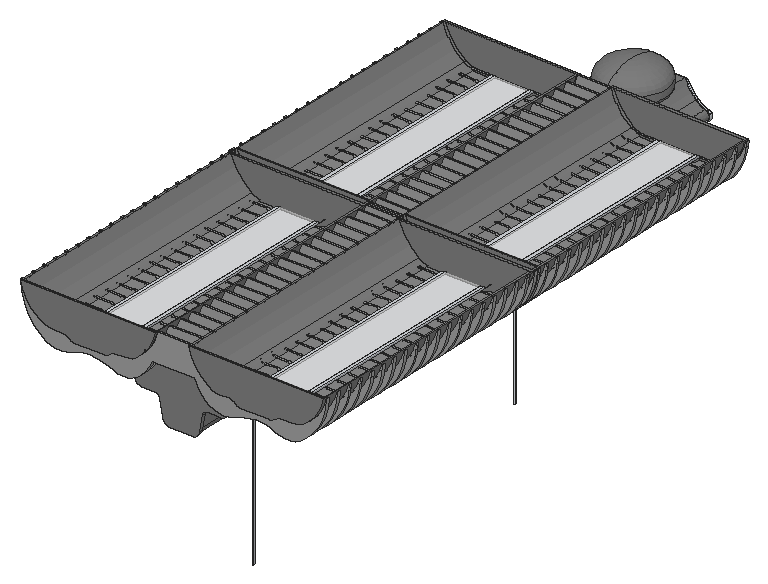
Revit family "0039279 Feilo Sylvania Lighting Fixtures SYLBAY LED 4000K 26KLM AISLE 1-10V PIR", category Lighting Fixtures, host Face, Revit 2017
Family settings
  Host = Face
  Round Connector Dimension = Use Diameter
  Part Type = Normal
  OmniClass Number = 23.80.70.00
  OmniClass Title = Lighting
  Cut with Voids When Loaded = No
  Light Source = Yes
  Shared = No
  Room Calculation Point = No
Parameters (values of type "0039279 SYLBAY LED 4000K 26KLM AISLE 1-10V PIR")
  WireRadius_FEILO = 1 mm
  Weight = "9.25 kg"
  Wattage Comments = "n/a"
  Wattage = 185 W
  WarrantyStartDate [instance] = "n/a"
  WarrantyGuarantorParts = "n/a"
  WarrantyDurationUnit = "n/a"
  WarrantyDurationParts = "n/a"
  WarrantyDescription = "n/a"
  built-in parameter 1150110 = 1 (stored number, unit not read)
  Voltage = 230 V
  URL = "http://www.sylvania-lighting.com"
  TypeName = "SYLBAY LED 4000K 26KLM AISLE 1-10V PIR"
  Type Image = <None>
  Type Comments = "n/a"
  built-in parameter 1114217 = 1 (stored number, unit not read)
  Tilt Angle = -90.00°
  built-in parameter 1150109 = 1 (stored number, unit not read)
  built-in parameter 1150134 = 12
  SuspensionHeight_FEILO [instance] = if(SurfaceMounted_FEILO, 107 mm, SuspensionHeightEntry_FEILO)  # 300 mm
  SuspensionHeightEntry_FEILO [instance] = 300 mm
  SurfaceMounted_FEILO [instance] = no
  built-in parameter 1150113 = 1 (stored number, unit not read)
  SerialNumber [instance] = "n/a"
  ReflectorMaterial = none
  PowerFactor = 0
  PowerConsumption = "185 W"
  Photometric Web File = "0039279.ies"
  NominalLength = 750 mm
  NominalHeight = 105 mm
  NominalDepth = 375 mm
  Name = "SYLBAY LED 4000K 26KLM AISLE 1-10V PIR"
  ModelReference = "SYLBAY LED 4000K 26KLM AISLE 1-10V PIR"
  ModelNumber = "0039279"
  Model = "SYLBAY LED 4000K 26KLM AISLE 1-10V PIR"
  Material = "aluminium housing"
  ManufacturerName = "Feilo Sylvania"
  Manufacturer = "Feilo Sylvania"
  LuminousEfficacy = "136.81 lm/W"
  built-in parameter 1150105 = 30980.9 (stored number, unit not read)
  Lumens = 25309.9 lm
  LuminaireType = ""
  built-in parameter 1150115 = 1 (stored number, unit not read)
  LightOutputRatio = "100"
  built-in parameter 1150137 = (empty or 0)
  built-in parameter 1150139 = (empty or 0)
  LampsType = Lamp  # "LED"
  LampNominalLuminous = "25446 lm"
  LampMacAdamStep = "n/a"
  LampColourTemperature = "4000 K"
  LampColourRenderingIndex = "80"
  built-in parameter 1150112 = 1 (stored number, unit not read)
  built-in parameter 1150114 = 1 (stored number, unit not read)
  Lamp = "LED"
  Keynote = "16500"
  InstallationDate [instance] = "n/a"
  InputVoltage = "220-240V~"
  InputNominalFrequency = "50/60 Hz"
  built-in parameter 1150132 = (empty or 0)
  built-in parameter 1150102 = (empty or 0)
  built-in parameter 1150107 = 4000 (stored number, unit not read)
  built-in parameter 1150138 = (empty or 0)
  IngressProtection = "IP65"
  ImpactProtectionIndex = "IK08"
  built-in parameter 1150106 = 309.81 (stored number, unit not read)
  IfcExportType = "IfcLightFixtureType"
  IfcExportAs = "IfcLightFixtureType"
  ExpectedLife = 50000
  Emit from Rectangle Width = 365 mm
  Emit from Rectangle Length = 645 mm
  Emit Shape Visible in Rendering = no
  ElectricShockClassification = "Class I"
  built-in parameter 1150104 = 12.71 (stored number, unit not read)
  DurationUnit = "hours"
  DocumentationLiterature = "http://www.sylvania-lighting.com/product/en-int/products/0039279"
  DimmingControlOptions = "Dimmable"
  Dimming Lamp Color Temperature Shift = <None>
  DiffuserMaterial = Diffuser-Sylvania-Sylbay-Transparent
  Description = "Specification industrial high bay luminaire, robust and durable, slim design, high output and efficiency, lightweight, aluminium housing with shatter-resistant polycarbonate lens optic, 25,500 lumens, 185W, 138lm/W, 4000K, 1400mA (x2), CRI 80, aisle beam optic, 1-10V dimmable, integral PIR sensor with daylight/occupancy detection, IP65, IK08, 100,000 hrs (L90B10), (LxWxH) 665x375x105mm, 3 step MacAdam ellipse, 8.9kg, aluminium finish, Class 1, 220-240V, integrated LED, energy class: A++, A+, A."
  Default Elevation = 1219.2 mm
  CreatedOn = "17/11/2017"
  CreatedBy = ""
  Cost = 0
  Color Filter = 16777215
  built-in parameter 1114216 [instance] = (empty or 0)
  BodyMaterial = Body-Sylvania-Sylbay-Aluminium
  BarCode [instance] = "n/a"
  built-in parameter 1114218 = 1 (stored number, unit not read)
  built-in parameter 1150133 = 10 (stored number, unit not read)
  AssetType = "Fixed"
  AssetIdentifier [instance] = "n/a"
  Assembly Code = "D5020200"
  Apparent Load = 185 VA
  AccessoryMaterial = Accesory-Sylvania-Sylbay-White
Reference planes
  plane 1 "Center (Front/Back)": y = 0
  plane 2: z = 0
  plane 3 "Center (Left/Right)": x = 0
  plane 4: z = 300
  plane 5: y = -307
  plane 6: y = 200
  plane 7: y = -200
  plane 8: z = 237.522
  plane 9: z = 246.272
  plane 10: z = 227.522
  plane 11: z = 266.272
  plane 12: z = 256.272
  plane 13: z = 262.272
  plane 14: y = 427
  plane 15: y = -1
  plane 16: y = 1
  plane 17: y = -310
  plane 18: y = 430
  plane 19: z = 195
  plane 20: z = 193
  plane 21: y = 330
  plane 22: y = 380
  plane 23: y = 340
  plane 24: y = 420
  plane 25: z = 278.272
  plane 26: y = 341
  plane 27: y = 419
Forms (mm)
  Extrusion 1, solid, material "Accesory-Sylvania-Sylbay-White" <- "AccessoryMaterial"
    sketch origin (0, 0, 0) x (1, 0, 0) y (0, 0, 1)
      loop
        arc (-39.258, 246.272) -> (-44.534, 242.283) -> (-50.507, 239.445) r 32.519
        arc (-50.507, 239.445) -> (-54.463, 232.388) -> (-48, 227.522) r 6.147
        line (-48, 227.522) -> (-32.102, 227.522)
        arc (-32.102, 227.522) -> (-26.92, 225.616) -> (-24.206, 220.808) r 8
        line (-24.206, 220.808) -> (-21.094, 201.713)
        arc (-21.094, 201.713) -> (-18.38, 196.905) -> (-13.198, 195) r 8
        line (-13.198, 195) -> (13.198, 195)
        arc (13.198, 195) -> (18.393, 196.916) -> (21.099, 201.746) r 8
        line (21.099, 201.746) -> (24.206, 220.808)
        arc (24.206, 220.808) -> (26.92, 225.616) -> (32.102, 227.522) r 8
        line (32.102, 227.522) -> (48, 227.522)
        arc (48, 227.522) -> (54.463, 232.388) -> (50.507, 239.445) r 6.147
        arc (50.507, 239.445) -> (44.534, 242.283) -> (39.258, 246.272) r 32.519
        arc (39.258, 246.272) -> (31.199, 255.531) -> (25.254, 266.272) r 58.361
        line (25.254, 266.272) -> (-25.254, 266.272)
        arc (-25.254, 266.272) -> (-31.199, 255.531) -> (-39.258, 246.272) r 58.361
    from -427 to 307
  Extrusion 2, solid, material "Body-Sylvania-Sylbay-Aluminium" <- "BodyMaterial", detail levels medium+fine
    sketch origin (0, 0, 0) x (1, 0, 0) y (0, 0, 1)
      loop
        arc (-32.102, 225.522) -> (-28.215, 224.093) -> (-26.18, 220.487) r 6
        line (-26.18, 220.487) -> (-23.068, 201.392)
        arc (-23.068, 201.392) -> (-19.676, 195.381) -> (-13.198, 193) r 10
        line (-13.198, 193) -> (13.198, 193)
        arc (13.198, 193) -> (19.69, 195.393) -> (23.074, 201.428) r 10
        line (23.074, 201.428) -> (26.18, 220.487)
        arc (26.18, 220.487) -> (28.215, 224.093) -> (32.102, 225.522) r 6
        line (32.102, 225.522) -> (47.932, 225.522)
        arc (47.932, 225.522) -> (54.718, 228.451) -> (56.343, 235.661) r 8.147
        arc (56.343, 235.661) -> (55.292, 237.506) -> (53.445, 238.553) r 4
        arc (53.445, 238.553) -> (45.865, 241.518) -> (39.258, 246.272) r 32.519
        arc (39.258, 246.272) -> (32.89, 253.237) -> (27.728, 261.137) r 58.361
        arc (27.728, 261.137) -> (25.523, 263.429) -> (22.456, 264.272) r 6
        line (22.456, 264.272) -> (-22.456, 264.272)
        arc (-22.456, 264.272) -> (-25.523, 263.429) -> (-27.728, 261.137) r 6
        arc (-27.728, 261.137) -> (-32.89, 253.237) -> (-39.258, 246.272) r 58.361
        arc (-39.258, 246.272) -> (-45.865, 241.518) -> (-53.445, 238.553) r 32.519
        arc (-53.445, 238.553) -> (-55.292, 237.506) -> (-56.343, 235.661) r 4
        arc (-56.343, 235.661) -> (-54.718, 228.451) -> (-47.932, 225.522) r 8.147
        line (-47.932, 225.522) -> (-32.102, 225.522)
    from 307 to 310
  Extrusion 3, solid, detail levels medium+fine
    sketch origin (0, 0, 0) x (1, 0, 0) y (0, 0, 1)
      loop
        line (-47.932, 225.522) -> (-32.102, 225.522)
        arc (-32.102, 225.522) -> (-28.215, 224.093) -> (-26.18, 220.487) r 6
        line (-26.18, 220.487) -> (-23.068, 201.392)
        arc (-23.068, 201.392) -> (-19.676, 195.381) -> (-13.198, 193) r 10
        line (-13.198, 193) -> (13.198, 193)
        arc (13.198, 193) -> (19.69, 195.393) -> (23.074, 201.428) r 10
        line (23.074, 201.428) -> (26.18, 220.487)
        arc (26.18, 220.487) -> (28.215, 224.093) -> (32.102, 225.522) r 6
        line (32.102, 225.522) -> (47.932, 225.522)
        arc (47.932, 225.522) -> (54.718, 228.451) -> (56.343, 235.661) r 8.147
        arc (56.343, 235.661) -> (55.292, 237.506) -> (53.445, 238.553) r 4
        arc (53.445, 238.553) -> (45.865, 241.518) -> (39.258, 246.272) r 32.519
        arc (39.258, 246.272) -> (32.89, 253.237) -> (27.728, 261.137) r 58.361
        arc (27.728, 261.137) -> (25.523, 263.429) -> (22.456, 264.272) r 6
        line (22.456, 264.272) -> (-22.456, 264.272)
        arc (-22.456, 264.272) -> (-25.523, 263.429) -> (-27.728, 261.137) r 6
        arc (-27.728, 261.137) -> (-32.89, 253.237) -> (-39.258, 246.272) r 58.361
        arc (-39.258, 246.272) -> (-45.865, 241.518) -> (-53.445, 238.553) r 32.519
        arc (-53.445, 238.553) -> (-55.292, 237.506) -> (-56.343, 235.661) r 4
        arc (-56.343, 235.661) -> (-54.718, 228.451) -> (-47.932, 225.522) r 8.147
    from -430 to -427
  Extrusion 4, solid
    sketch origin (-316.531, -4572, 195) x (-1, 0, 0) y (0, -1, 0)
      loop
        circle (-316.531, -4772) r 1
      loop
        circle (-316.531, -4372) r 1
    from 0 to -195
  Revolve 5, solid, material "Body-Sylvania-Sylbay-Aluminium" <- "BodyMaterial"
    sketch origin (0, 0, 0) x (0, 1, 0) y (0, 0, 1)
      loop
        arc (340.771, 269.022) -> (341.729, 267.064) -> (343.76, 266.272) r 3
        line (343.76, 266.272) -> (380, 266.272) -> (380, 278.272) -> (340, 278.272) -> (340.771, 269.022)
      axis (380, 266.272) -> (380, 278.272)
    angle from 360 to 0
  Revolve 6, solid, material "Accesory-Sylvania-Sylbay-White" <- "AccessoryMaterial"
    sketch origin (0, 0, 0) x (0, 1, 0) y (0, 0, 1)
      loop
        line (340, 278.272) -> (380, 278.272) -> (380, 300)
        spline (380, 300) -> (374.779, 299.814) -> (369.647, 299.26) -> (364.693, 298.346) -> (360, 297.089) -> (355.65, 295.51) -> (351.716, 293.636) -> (348.266, 291.499) -> (345.359, 289.136) -> (343.045, 286.587) -> (341.363, 283.895) -> (340.342, 281.108) -> (340, 278.272)
      axis (380, 278.272) -> (380, 300)
    angle from 360 to 0
Dimensions and locks
  "SuspensionHeight_FEILO": plane 4 to plane 2
  equal spacing: plane 7, plane 1 "Center (Front/Back)", plane 6
  locked: plane 1 "Center (Front/Back)" to plane 6 at 200
  locked: plane 4 to plane 8 at 62.478
  locked: plane 4 to plane 9 at 53.728
  plane 4 to plane 10 = 72.478 mm
  locked: plane 4 to plane 11 at 33.728
  locked: plane 12 to plane 9 at 10
  locked: plane 13 to plane 12 at 6
  locked: plane 3 "Center (Left/Right)" to Extrusion 1 sketch curve at 48.447
  locked: Extrusion 1 sketch curve to plane 3 "Center (Left/Right)" at 48.447
  locked: plane 4 to Extrusion 1 sketch curve at 66.347  (x2)
  Extrusion 1 sketch curve to plane 3 "Center (Left/Right)" to Extrusion 1 sketch curve = 13.198 mm locked, 13.198 mm locked
  Extrusion 1 sketch curve to plane 3 "Center (Left/Right)" to Extrusion 1 sketch curve = 32.102 mm locked, 32.102 mm locked
  locked: plane 4 to Extrusion 1 sketch curve at 97  (x2)
  locked: plane 4 to Extrusion 1 sketch curve at 80.478  (x2)
  equal spacing: plane 15, plane 1 "Center (Front/Back)", plane 16
  locked: plane 10 to Extrusion 2 sketch curve at 2
  plane 10 to Extrusion 2 sketch curve = 2 mm
  locked: Extrusion 2 sketch curve to Extrusion 1 at 2  (x2)
  locked: Extrusion 2 sketch curve to plane 3 "Center (Left/Right)" at 52.466
  locked: plane 3 "Center (Left/Right)" to Extrusion 2 sketch curve at 52.466
  locked: plane 4 to Extrusion 2 sketch curve at 65.325  (x2)
  locked: plane 4 to Extrusion 2 sketch curve at 41.728  (x2)
  locked: plane 3 "Center (Left/Right)" to Extrusion 2 sketch curve at 22.456
  locked: Extrusion 2 sketch curve to plane 3 "Center (Left/Right)" at 22.456
  locked: plane 4 to plane 19 at 105
  locked: plane 19 to plane 20 at 2
  locked: plane 1 "Center (Front/Back)" to plane 18 at 430
  locked: plane 14 to plane 18 at 3
  locked: plane 17 to plane 1 "Center (Front/Back)" at 310
  locked: plane 17 to plane 5 at 3
  locked: plane 21 to plane 18 at 100
  locked: plane 21 to plane 22 at 50
  equal spacing: plane 23, plane 22, plane 24
  locked: plane 23 to plane 22 at 40
  equal spacing: plane 26, plane 22, plane 27
  locked: plane 23 to plane 26 at 1
  locked: plane 25 to plane 11 at 12
  locked: Revolve 5 sketch curve to plane 11 at 3
  locked: Revolve 5 sketch curve to plane 22 at 36.24
  locked: plane 1 "Center (Front/Back)" to plane 16 at 1
  "WireRadius_FEILO": radius of Extrusion 4 sketch curve  (x2)
  aligned and locked: plane 2 to host face
  aligned and locked: level to host face
  aligned and locked: plane 10 to Extrusion 1 sketch curve
  aligned and locked: plane 5 to Extrusion 1
  aligned and locked: Extrusion 1 to plane 14
  aligned and locked: imposter light to plane 4
  aligned and locked: plane 3 "Center (Left/Right)" to imposter light
  aligned and locked: plane 1 "Center (Front/Back)" to imposter light
  aligned and locked: plane 17 to Extrusion 2
  aligned and locked: Extrusion 2 to plane 5
  aligned and locked: Extrusion 3 sketch curve to Extrusion 2  (x15)
  aligned and locked: Extrusion 3 to Extrusion 1
  aligned and locked: Extrusion 3 to plane 18
  aligned and locked: Extrusion 1 sketch curve to plane 19
  aligned and locked: plane 7 to Extrusion 4 sketch curve
  aligned and locked: plane 3 "Center (Left/Right)" to Extrusion 4 sketch curve  (x2)
  aligned and locked: plane 6 to Extrusion 4 sketch curve
  aligned and locked: Extrusion 1 to Extrusion 4
  aligned and locked: Extrusion 4 to level
  aligned and locked: plane 20 to Extrusion 2 sketch curve
  aligned and locked: Revolve 5 sketch curve to plane 11
  aligned and locked: Revolve 5 sketch curve to plane 22  (x2)
  aligned and locked: Revolve 5 sketch curve to plane 25
  aligned and locked: Revolve 6 sketch curve to plane 22  (x2)
  aligned and locked: Revolve 6 sketch curve to Revolve 5
  aligned and locked: plane 4 to Revolve 6 sketch curve
  aligned and locked: plane 22 to Revolve 6 sketch curve
  aligned and locked: plane 3 "Center (Left/Right)" to nested 1
  aligned and locked: plane 3 "Center (Left/Right)" to nested 22
  aligned and locked: plane 15 to nested 1
  aligned and locked: plane 16 to nested 22
Automatic sketch dimensions
  host sketch curve to host sketch curve = 2438.4 mm  (x2)
  Extrusion 1 sketch curve to plane 9 = 0 mm  (x4)
  Extrusion 1 sketch curve to plane 10 = 0 mm
  plane 11 to Extrusion 1 sketch curve = 3.811 mm
  Extrusion 1 sketch curve to Extrusion 1 sketch curve = 36.151 mm  (x2)
  Extrusion 1 sketch curve to plane 4 = 10.994 mm  (x2)
  Extrusion 1 sketch curve to plane 11 = 0 mm
  plane 9 to Extrusion 1 sketch curve = 23.811 mm
  Extrusion 1 sketch curve to plane 10 = 6.713 mm  (x2)
  plane 19 to Extrusion 1 sketch curve = 6.713 mm
  Extrusion 3 sketch curve to plane 10 = 7.035 mm  (x2)
  plane 19 to Extrusion 3 sketch curve = 6.392 mm
  plane 19 to Extrusion 1 sketch curve = 6.746 mm
  plane 19 to Extrusion 3 sketch curve = 6.428 mm
  plane 3 "Center (Left/Right)" to Extrusion 1 sketch curve = 25.254 mm
  Extrusion 1 sketch curve to Extrusion 1 sketch curve = 0.447 mm  (x2)
  Extrusion 1 sketch curve to Extrusion 1 sketch curve = 12.959 mm
  Extrusion 2 sketch curve to plane 9 = 0 mm  (x4)
  plane 11 to Extrusion 2 sketch curve = 3.811 mm  (x2)
  Extrusion 2 sketch curve to Extrusion 2 sketch curve = 8.939 mm  (x2)
  Extrusion 2 sketch curve to plane 4 = 10.994 mm  (x2)
  Extrusion 2 sketch curve to Extrusion 2 sketch curve = 17.6 mm  (x2)
  Extrusion 2 sketch curve to Extrusion 2 sketch curve = 4.02 mm  (x2)
  Extrusion 2 sketch curve to Extrusion 2 sketch curve = 0.514 mm
  Extrusion 2 sketch curve to plane 10 = 8 mm
  Extrusion 2 sketch curve to plane 10 = 7.035 mm  (x2)
  plane 19 to Extrusion 2 sketch curve = 6.392 mm
  plane 19 to Extrusion 2 sketch curve = 8 mm
  plane 3 "Center (Left/Right)" to Extrusion 2 sketch curve = 13.198 mm
  plane 19 to Extrusion 2 sketch curve = 6.428 mm
  Extrusion 2 sketch curve to Extrusion 2 sketch curve = 5.922 mm
  Extrusion 2 sketch curve to Extrusion 2 sketch curve = 4.534 mm
  Extrusion 2 sketch curve to plane 8 = 3.869 mm  (x2)
  Extrusion 2 sketch curve to plane 11 = 2 mm
  Extrusion 2 sketch curve to Extrusion 2 sketch curve = 0 mm  (x2)
  Revolve 6 sketch curve to plane 23 = 0 mm
  Revolve 6 sketch curve to level = 309.6 mm
  plane 4 to Revolve 6 sketch curve = 2138.4 mm
  Revolve 5 sketch curve to plane 23 = 0 mm
  plane 26 to Revolve 5 sketch curve = 0.229 mm
  Revolve 5 sketch curve to level = 309.6 mm
  plane 4 to Revolve 5 sketch curve = 2138.4 mm
Nested families
  nested 1: "SylbayBody" at (0, 159, 266.272), type "SylbayBody"
  nested 2: "SlybayRib" at (0, 303.453, 300), type "SylbayRib"
  nested 3: "SlybayRib" at (0, 286.406, 300), type "SylbayRib"
  nested 4: "SlybayRib" at (0, 269.358, 300), type "SylbayRib"
  nested 5: "SlybayRib" at (0, 252.311, 300), type "SylbayRib"
  nested 6: "SlybayRib" at (0, 235.264, 300), type "SylbayRib"
  nested 7: "SlybayRib" at (0, 218.217, 300), type "SylbayRib"
  nested 8: "SlybayRib" at (0, 201.169, 300), type "SylbayRib"
  nested 9: "SlybayRib" at (0, 184.122, 300), type "SylbayRib"
  nested 10: "SlybayRib" at (0, 320.5, 300), type "SylbayRib"
  nested 11: "SlybayRib" at (0, 14.547, 300), type "SylbayRib"
  nested 12: "SlybayRib" at (0, 31.594, 300), type "SylbayRib"
  nested 13: "SlybayRib" at (0, 48.642, 300), type "SylbayRib"
  nested 14: "SlybayRib" at (0, 65.689, 300), type "SylbayRib"
  nested 15: "SlybayRib" at (0, 82.736, 300), type "SylbayRib"
  nested 16: "SlybayRib" at (0, 99.783, 300), type "SylbayRib"
  nested 17: "SlybayRib" at (0, 116.831, 300), type "SylbayRib"
  nested 18: "SlybayRib" at (0, 133.878, 300), type "SylbayRib"
  nested 19: "SlybayRib" at (0, -2.5, 300), type "SylbayRib"
  nested 20: "SlybayRib" at (0, 167.075, 300), type "SylbayRib"
  nested 21: "SlybayRib" at (0, 150.925, 300), type "SylbayRib"
  nested 22: "SylbayBody" at (0, -159, 266.272), type "SylbayBody"
  nested 23: "SlybayRib" at (0, -14.547, 300), type "SylbayRib"
  nested 24: "SlybayRib" at (0, -31.594, 300), type "SylbayRib"
  nested 25: "SlybayRib" at (0, -48.642, 300), type "SylbayRib"
  nested 26: "SlybayRib" at (0, -65.689, 300), type "SylbayRib"
  nested 27: "SlybayRib" at (0, -82.736, 300), type "SylbayRib"
  nested 28: "SlybayRib" at (0, -99.783, 300), type "SylbayRib"
  nested 29: "SlybayRib" at (0, -116.831, 300), type "SylbayRib"
  nested 30: "SlybayRib" at (0, -133.878, 300), type "SylbayRib"
  nested 31: "SlybayRib" at (0, 2.5, 300), type "SylbayRib"
  nested 32: "SlybayRib" at (0, -303.453, 300), type "SylbayRib"
  nested 33: "SlybayRib" at (0, -286.406, 300), type "SylbayRib"
  nested 34: "SlybayRib" at (0, -269.358, 300), type "SylbayRib"
  nested 35: "SlybayRib" at (0, -252.311, 300), type "SylbayRib"
  nested 36: "SlybayRib" at (0, -235.264, 300), type "SylbayRib"
  nested 37: "SlybayRib" at (0, -218.217, 300), type "SylbayRib"
  nested 38: "SlybayRib" at (0, -201.169, 300), type "SylbayRib"
  nested 39: "SlybayRib" at (0, -184.122, 300), type "SylbayRib"
  nested 40: "SlybayRib" at (0, -320.5, 300), type "SylbayRib"
  nested 41: "SlybayRib" at (0, -150.925, 300), type "SylbayRib"
  nested 42: "SlybayRib" at (0, -167.075, 300), type "SylbayRib"
Connectors
  electrical at (0, 0, 0), driven by "Apparent Load"
    settings: index 1, voltage 230 V, apparent load 185 VA, apparent load phase1 0 VA, apparent load phase2 0 VA, apparent load phase3 0 VA, power factor 0, load classification "Lighting", number of poles 1, system type 30, power factor state 1, is connector primary yes, connector utility no, sub classification motor no, connector description ""
Definition of nested family "SylbayBody"
  Parameters (values of type "SylbayBody")
    URL = "http://www.feilosylvania.com"
    Type Image = (empty or 0)
    Type Comments = "n/a"
    RibLast_FEILO = 161.5 mm
    RibDistance_FEILO = RibLast_FEILO / 10  # 16.15 mm
    ReflectorMaterial = none
    Model = ""
    Manufacturer = "Feilo Sylvania"
    Keynote = ""
    DiffuserMaterial = none
    Description = "n/a"
    Default Elevation = 1219.2 mm
    Cost = 0
    BodyMaterial = none
    Assembly Code = "D5020200"
    AccessoryMaterial = none
  Reference planes
    plane 1 "Center (Front/Back)": y = 0
    plane 2: z = 0
    plane 3 "Center (Left/Right)": x = 0
    plane 4: x = -187.5
    plane 5: x = 187.5
    plane 6: z = 33.728
    plane 7: y = -165
    plane 8: y = 165
    plane 9: y = -148
    plane 10: y = 160
    plane 11: y = -160
    plane 12: z = -28.75
    plane 13: z = -20
    plane 14: x = -102.75
    plane 15: x = 102.75
    plane 16: z = 0
    plane 17: x = -185.5
    plane 18: x = -20
    plane 19: z = -10
    plane 20: x = -122.75
    plane 21: x = -82.75
    plane 22: z = -4
    plane 23: x = -130.75
    plane 24: x = -74.75
    plane 25: x = -145.75
    plane 26: x = -59.75
    plane 27: x = -25.3
    plane 28: x = -183.5
    plane 29: x = -22
    plane 30: y = -163
    plane 31: y = 163
    plane 32: x = 25.3
    plane 33: x = -48
    plane 34: x = 48
    plane 35: x = 20
    plane 36: y = 148
    plane 37: y = -161.5
    plane 38: y = 161.5
    plane 39: y = -8.075
    plane 40: y = 8.075
    plane 41: y = -151
    plane 42: y = 151
    plane 43: y = 149
    plane 44: y = 152
    plane 45: z = -2
    plane 46: z = 0
  Forms (mm)
    Extrusion 1, solid
      sketch origin (4.2, 0, 0) x (1, 0, 0) y (0, 1, 0)
        loop
          line (-1219.2, 1219.2) -> (-1219.2, -1219.2) -> (1219.2, -1219.2) -> (1219.2, 1219.2) -> (-1219.2, 1219.2)
      from 0 to -304.8
    Extrusion 2, solid, material <- "BodyMaterial", detail levels coarse+medium
      sketch origin (0, 0, -234.25) x (1, 0, 0) y (0, 0, 1)
        loop
          arc (-187.5, 267.978) -> (-180.003, 237.85) -> (-159.829, 214.25) r 67.598
          arc (-159.829, 214.25) -> (-143.258, 206.411) -> (-125.169, 209.379) r 30.791
          arc (-125.169, 209.379) -> (-113.533, 213.402) -> (-101.25, 214.25) r 46.777
          arc (-101.25, 214.25) -> (-87.202, 212.214) -> (-73.664, 207.942) r 87.865
          arc (-73.664, 207.942) -> (-55.541, 206.076) -> (-39.258, 214.25) r 32.519
          arc (-39.258, 214.25) -> (-31.199, 223.509) -> (-25.254, 234.25) r 58.361
          line (-25.254, 234.25) -> (25.254, 234.25)
          arc (25.254, 234.25) -> (31.199, 223.509) -> (39.258, 214.25) r 58.361
          arc (39.258, 214.25) -> (55.541, 206.076) -> (73.664, 207.942) r 32.519
          arc (73.664, 207.942) -> (87.202, 212.214) -> (101.25, 214.25) r 87.865
          arc (101.25, 214.25) -> (113.533, 213.402) -> (125.169, 209.379) r 46.777
          arc (125.169, 209.379) -> (143.258, 206.411) -> (159.829, 214.25) r 30.791
          arc (159.829, 214.25) -> (180.003, 237.85) -> (187.5, 267.978) r 67.598
          line (187.5, 267.978) -> (185.5, 267.978)
          arc (185.5, 267.978) -> (176.042, 248.665) -> (160.084, 234.25) r 56.823
          arc (160.084, 234.25) -> (153.191, 231.269) -> (145.75, 230.25) r 27.682
          line (145.75, 230.25) -> (132.583, 230.25)
          arc (132.583, 230.25) -> (129.421, 229.737) -> (126.583, 228.25) r 10
          line (126.583, 228.25) -> (123.917, 226.25)
          arc (123.917, 226.25) -> (121.079, 224.763) -> (117.917, 224.25) r 10
          line (117.917, 224.25) -> (84.583, 224.25)
          arc (84.583, 224.25) -> (81.421, 224.763) -> (78.583, 226.25) r 10
          line (78.583, 226.25) -> (75.917, 228.25)
          arc (75.917, 228.25) -> (73.079, 229.737) -> (69.917, 230.25) r 10
          line (69.917, 230.25) -> (58.25, 230.25)
          arc (58.25, 230.25) -> (51.55, 231.273) -> (45.461, 234.25) r 22.443
          arc (45.461, 234.25) -> (30.027, 249.073) -> (20, 267.978) r 67.602
          line (20, 267.978) -> (-20, 267.978)
          arc (-20, 267.978) -> (-30.027, 249.073) -> (-45.461, 234.25) r 67.602
          arc (-45.461, 234.25) -> (-51.55, 231.273) -> (-58.25, 230.25) r 22.443
          line (-58.25, 230.25) -> (-69.917, 230.25)
          arc (-69.917, 230.25) -> (-73.079, 229.737) -> (-75.917, 228.25) r 10
          line (-75.917, 228.25) -> (-78.583, 226.25)
          arc (-78.583, 226.25) -> (-81.421, 224.763) -> (-84.583, 224.25) r 10
          line (-84.583, 224.25) -> (-117.917, 224.25)
          arc (-117.917, 224.25) -> (-121.079, 224.763) -> (-123.917, 226.25) r 10
          line (-123.917, 226.25) -> (-126.583, 228.25)
          arc (-126.583, 228.25) -> (-129.421, 229.737) -> (-132.583, 230.25) r 10
          line (-132.583, 230.25) -> (-145.75, 230.25)
          arc (-145.75, 230.25) -> (-153.191, 231.269) -> (-160.084, 234.25) r 27.682
          arc (-160.084, 234.25) -> (-176.042, 248.665) -> (-185.5, 267.978) r 56.823
          line (-185.5, 267.978) -> (-187.5, 267.978)
      from 160 to -160
    Extrusion 3, solid, material <- "BodyMaterial"
      sketch origin (0, 0, -234.25) x (1, 0, 0) y (0, 0, 1)
        loop
          arc (-145.75, 230.25) -> (-152.168, 231.276) -> (-157.947, 234.25) r 20.597
          arc (-157.947, 234.25) -> (-173.175, 249.257) -> (-183.5, 267.978) r 74.319
          line (-183.5, 267.978) -> (-185.5, 267.978)
          arc (-185.5, 267.978) -> (-176.042, 248.665) -> (-160.084, 234.25) r 56.823
          arc (-160.084, 234.25) -> (-153.191, 231.269) -> (-145.75, 230.25) r 27.682
        loop
          arc (-45.461, 234.25) -> (-30.027, 249.073) -> (-20, 267.978) r 67.602
          line (-20, 267.978) -> (-22, 267.978)
          arc (-22, 267.978) -> (-31.964, 249.398) -> (-46.63, 234.25) r 76.357
          arc (-46.63, 234.25) -> (-52.105, 231.278) -> (-58.25, 230.25) r 18.878
          arc (-58.25, 230.25) -> (-51.55, 231.273) -> (-45.461, 234.25) r 22.443
        loop
          arc (145.75, 230.25) -> (153.191, 231.269) -> (160.084, 234.25) r 27.682
          arc (160.084, 234.25) -> (176.042, 248.665) -> (185.5, 267.978) r 56.823
          line (185.5, 267.978) -> (183.5, 267.978)
          arc (183.5, 267.978) -> (173.175, 249.257) -> (157.947, 234.25) r 74.319
          arc (157.947, 234.25) -> (152.168, 231.276) -> (145.75, 230.25) r 20.597
        loop
          arc (45.461, 234.25) -> (51.55, 231.273) -> (58.25, 230.25) r 22.443
          arc (58.25, 230.25) -> (52.105, 231.278) -> (46.63, 234.25) r 18.878
          arc (46.63, 234.25) -> (31.964, 249.398) -> (22, 267.978) r 76.357
          line (22, 267.978) -> (20, 267.978)
          arc (20, 267.978) -> (30.027, 249.073) -> (45.461, 234.25) r 67.602
      from -160 to 160
    Extrusion 4, solid, material <- "BodyMaterial"
      sketch origin (0, -165, -843.85) x (0, 0, -1) y (1, 0, 0)
        loop
          arc (-837.85, -132.583) -> (-837.439, -130.054) -> (-836.25, -127.783) r 8
          line (-836.25, -127.783) -> (-834.25, -125.117)
          arc (-834.25, -125.117) -> (-832.466, -121.711) -> (-831.85, -117.917) r 12
          line (-831.85, -117.917) -> (-831.85, -84.583)
          arc (-831.85, -84.583) -> (-832.466, -80.789) -> (-834.25, -77.383) r 12
          line (-834.25, -77.383) -> (-836.25, -74.717)
          arc (-836.25, -74.717) -> (-837.439, -72.446) -> (-837.85, -69.917) r 8
          line (-837.85, -69.917) -> (-837.85, -58.25)
          arc (-837.85, -58.25) -> (-838.965, -50.953) -> (-842.206, -44.322) r 24.443
          arc (-842.206, -44.322) -> (-857.666, -28.923) -> (-877.578, -20) r 60.581
          line (-877.578, -20) -> (-877.578, -22)
          arc (-877.578, -22) -> (-858.998, -31.964) -> (-843.85, -46.63) r 76.357
          arc (-843.85, -46.63) -> (-840.878, -52.105) -> (-839.85, -58.25) r 18.878
          line (-839.85, -58.25) -> (-839.85, -69.917)
          arc (-839.85, -69.917) -> (-839.337, -73.079) -> (-837.85, -75.917) r 10
          line (-837.85, -75.917) -> (-835.85, -78.583)
          arc (-835.85, -78.583) -> (-834.363, -81.421) -> (-833.85, -84.583) r 10
          line (-833.85, -84.583) -> (-833.85, -117.917)
          arc (-833.85, -117.917) -> (-834.363, -121.079) -> (-835.85, -123.917) r 10
          line (-835.85, -123.917) -> (-837.85, -126.583)
          arc (-837.85, -126.583) -> (-839.337, -129.421) -> (-839.85, -132.583) r 10
          line (-839.85, -132.583) -> (-839.85, -145.75)
          arc (-839.85, -145.75) -> (-840.876, -152.168) -> (-843.85, -157.947) r 20.597
          arc (-843.85, -157.947) -> (-858.857, -173.175) -> (-877.578, -183.5) r 74.319
          line (-877.578, -183.5) -> (-877.578, -185.5)
          arc (-877.578, -185.5) -> (-857.235, -177.123) -> (-842.139, -161.119) r 52.287
          arc (-842.139, -161.119) -> (-838.942, -153.728) -> (-837.85, -145.75) r 29.682
          line (-837.85, -145.75) -> (-837.85, -132.583)
        loop
          line (-837.85, 132.583) -> (-837.85, 145.75)
          arc (-837.85, 145.75) -> (-838.942, 153.728) -> (-842.139, 161.119) r 29.682
          arc (-842.139, 161.119) -> (-857.235, 177.123) -> (-877.578, 185.5) r 52.287
          line (-877.578, 185.5) -> (-877.578, 183.5)
          arc (-877.578, 183.5) -> (-858.857, 173.175) -> (-843.85, 157.947) r 74.319
          arc (-843.85, 157.947) -> (-840.876, 152.168) -> (-839.85, 145.75) r 20.597
          line (-839.85, 145.75) -> (-839.85, 132.583)
          arc (-839.85, 132.583) -> (-839.337, 129.421) -> (-837.85, 126.583) r 10
          line (-837.85, 126.583) -> (-835.85, 123.917)
          arc (-835.85, 123.917) -> (-834.363, 121.079) -> (-833.85, 117.917) r 10
          line (-833.85, 117.917) -> (-833.85, 84.583)
          arc (-833.85, 84.583) -> (-834.363, 81.421) -> (-835.85, 78.583) r 10
          line (-835.85, 78.583) -> (-837.85, 75.917)
          arc (-837.85, 75.917) -> (-839.337, 73.079) -> (-839.85, 69.917) r 10
          line (-839.85, 69.917) -> (-839.85, 58.25)
          arc (-839.85, 58.25) -> (-840.878, 52.105) -> (-843.85, 46.63) r 18.878
          arc (-843.85, 46.63) -> (-858.998, 31.964) -> (-877.578, 22) r 76.357
          line (-877.578, 22) -> (-877.578, 20)
          arc (-877.578, 20) -> (-857.666, 28.923) -> (-842.206, 44.322) r 60.581
          arc (-842.206, 44.322) -> (-838.965, 50.953) -> (-837.85, 58.25) r 24.443
          line (-837.85, 58.25) -> (-837.85, 69.917)
          arc (-837.85, 69.917) -> (-837.439, 72.446) -> (-836.25, 74.717) r 8
          line (-836.25, 74.717) -> (-834.25, 77.383)
          arc (-834.25, 77.383) -> (-832.466, 80.789) -> (-831.85, 84.583) r 12
          line (-831.85, 84.583) -> (-831.85, 117.917)
          arc (-831.85, 117.917) -> (-832.466, 121.711) -> (-834.25, 125.117) r 12
          line (-834.25, 125.117) -> (-836.25, 127.783)
          arc (-836.25, 127.783) -> (-837.439, 130.054) -> (-837.85, 132.583) r 8
      from -2 to -5
    Extrusion 5, solid, material <- "BodyMaterial"
      sketch origin (0, 165, -843.85) x (0, 0, -1) y (1, 0, 0)
        loop
          line (-831.85, -117.917) -> (-831.85, -84.583)
          arc (-831.85, -84.583) -> (-832.466, -80.789) -> (-834.25, -77.383) r 12
          line (-834.25, -77.383) -> (-836.25, -74.717)
          arc (-836.25, -74.717) -> (-837.439, -72.446) -> (-837.85, -69.917) r 8
          line (-837.85, -69.917) -> (-837.85, -58.25)
          arc (-837.85, -58.25) -> (-838.965, -50.953) -> (-842.206, -44.322) r 24.443
          arc (-842.206, -44.322) -> (-857.666, -28.923) -> (-877.578, -20) r 60.581
          line (-877.578, -20) -> (-877.578, -22)
          arc (-877.578, -22) -> (-858.998, -31.964) -> (-843.85, -46.63) r 76.357
          arc (-843.85, -46.63) -> (-840.878, -52.105) -> (-839.85, -58.25) r 18.878
          line (-839.85, -58.25) -> (-839.85, -69.917)
          arc (-839.85, -69.917) -> (-839.337, -73.079) -> (-837.85, -75.917) r 10
          line (-837.85, -75.917) -> (-835.85, -78.583)
          arc (-835.85, -78.583) -> (-834.363, -81.421) -> (-833.85, -84.583) r 10
          line (-833.85, -84.583) -> (-833.85, -117.917)
          arc (-833.85, -117.917) -> (-834.363, -121.079) -> (-835.85, -123.917) r 10
          line (-835.85, -123.917) -> (-837.85, -126.583)
          arc (-837.85, -126.583) -> (-839.337, -129.421) -> (-839.85, -132.583) r 10
          line (-839.85, -132.583) -> (-839.85, -145.75)
          arc (-839.85, -145.75) -> (-840.876, -152.168) -> (-843.85, -157.947) r 20.597
          arc (-843.85, -157.947) -> (-858.857, -173.175) -> (-877.578, -183.5) r 74.319
          line (-877.578, -183.5) -> (-877.578, -185.5)
          arc (-877.578, -185.5) -> (-857.235, -177.123) -> (-842.139, -161.119) r 52.287
          arc (-842.139, -161.119) -> (-838.942, -153.728) -> (-837.85, -145.75) r 29.682
          line (-837.85, -145.75) -> (-837.85, -132.583)
          arc (-837.85, -132.583) -> (-837.439, -130.054) -> (-836.25, -127.783) r 8
          line (-836.25, -127.783) -> (-834.25, -125.117)
          arc (-834.25, -125.117) -> (-832.466, -121.711) -> (-831.85, -117.917) r 12
        loop
          line (-831.85, 84.583) -> (-831.85, 117.917)
          arc (-831.85, 117.917) -> (-832.466, 121.711) -> (-834.25, 125.117) r 12
          line (-834.25, 125.117) -> (-836.25, 127.783)
          arc (-836.25, 127.783) -> (-837.439, 130.054) -> (-837.85, 132.583) r 8
          line (-837.85, 132.583) -> (-837.85, 145.75)
          arc (-837.85, 145.75) -> (-838.942, 153.728) -> (-842.139, 161.119) r 29.682
          arc (-842.139, 161.119) -> (-857.235, 177.123) -> (-877.578, 185.5) r 52.287
          line (-877.578, 185.5) -> (-877.578, 183.5)
          arc (-877.578, 183.5) -> (-858.857, 173.175) -> (-843.85, 157.947) r 74.319
          arc (-843.85, 157.947) -> (-840.876, 152.168) -> (-839.85, 145.75) r 20.597
          line (-839.85, 145.75) -> (-839.85, 132.583)
          arc (-839.85, 132.583) -> (-839.337, 129.421) -> (-837.85, 126.583) r 10
          line (-837.85, 126.583) -> (-835.85, 123.917)
          arc (-835.85, 123.917) -> (-834.363, 121.079) -> (-833.85, 117.917) r 10
          line (-833.85, 117.917) -> (-833.85, 84.583)
          arc (-833.85, 84.583) -> (-834.363, 81.421) -> (-835.85, 78.583) r 10
          line (-835.85, 78.583) -> (-837.85, 75.917)
          arc (-837.85, 75.917) -> (-839.337, 73.079) -> (-839.85, 69.917) r 10
          line (-839.85, 69.917) -> (-839.85, 58.25)
          arc (-839.85, 58.25) -> (-840.878, 52.105) -> (-843.85, 46.63) r 18.878
          arc (-843.85, 46.63) -> (-858.998, 31.964) -> (-877.578, 22) r 76.357
          line (-877.578, 22) -> (-877.578, 20)
          arc (-877.578, 20) -> (-857.666, 28.923) -> (-842.206, 44.322) r 60.581
          arc (-842.206, 44.322) -> (-838.965, 50.953) -> (-837.85, 58.25) r 24.443
          line (-837.85, 58.25) -> (-837.85, 69.917)
          arc (-837.85, 69.917) -> (-837.439, 72.446) -> (-836.25, 74.717) r 8
          line (-836.25, 74.717) -> (-834.25, 77.383)
          arc (-834.25, 77.383) -> (-832.466, 80.789) -> (-831.85, 84.583) r 12
      from 2 to 5
    Extrusion 6, solid, material <- "BodyMaterial"
      sketch origin (0, 165, -843.85) x (0, 0, -1) y (1, 0, 0)
        loop
          arc (-842.206, -44.322) -> (-857.666, -28.923) -> (-877.578, -20) r 60.581
          line (-877.578, -20) -> (-877.578, -185.5)
          arc (-877.578, -185.5) -> (-857.235, -177.123) -> (-842.139, -161.119) r 52.287
          arc (-842.139, -161.119) -> (-838.942, -153.728) -> (-837.85, -145.75) r 29.682
          line (-837.85, -145.75) -> (-837.85, -132.583)
          arc (-837.85, -132.583) -> (-837.439, -130.054) -> (-836.25, -127.783) r 8
          line (-836.25, -127.783) -> (-834.25, -125.117)
          arc (-834.25, -125.117) -> (-832.466, -121.711) -> (-831.85, -117.917) r 12
          line (-831.85, -117.917) -> (-831.85, -84.583)
          arc (-831.85, -84.583) -> (-832.466, -80.789) -> (-834.25, -77.383) r 12
          line (-834.25, -77.383) -> (-836.25, -74.717)
          arc (-836.25, -74.717) -> (-837.439, -72.446) -> (-837.85, -69.917) r 8
          line (-837.85, -69.917) -> (-837.85, -58.25)
          arc (-837.85, -58.25) -> (-838.965, -50.953) -> (-842.206, -44.322) r 24.443
        loop
          arc (-877.578, 20) -> (-857.666, 28.923) -> (-842.206, 44.322) r 60.581
          arc (-842.206, 44.322) -> (-838.965, 50.953) -> (-837.85, 58.25) r 24.443
          line (-837.85, 58.25) -> (-837.85, 69.917)
          arc (-837.85, 69.917) -> (-837.439, 72.446) -> (-836.25, 74.717) r 8
          line (-836.25, 74.717) -> (-834.25, 77.383)
          arc (-834.25, 77.383) -> (-832.466, 80.789) -> (-831.85, 84.583) r 12
          line (-831.85, 84.583) -> (-831.85, 117.917)
          arc (-831.85, 117.917) -> (-832.466, 121.711) -> (-834.25, 125.117) r 12
          line (-834.25, 125.117) -> (-836.25, 127.783)
          arc (-836.25, 127.783) -> (-837.439, 130.054) -> (-837.85, 132.583) r 8
          line (-837.85, 132.583) -> (-837.85, 145.75)
          arc (-837.85, 145.75) -> (-838.942, 153.728) -> (-842.139, 161.119) r 29.682
          arc (-842.139, 161.119) -> (-857.235, 177.123) -> (-877.578, 185.5) r 52.287
          line (-877.578, 185.5) -> (-877.578, 20)
      from 0 to 2
    Extrusion 7, solid, material <- "BodyMaterial"
      sketch origin (0, -165, -843.85) x (0, 0, -1) y (1, 0, 0)
        loop
          line (-877.578, -20) -> (-877.578, -185.5)
          arc (-877.578, -185.5) -> (-857.235, -177.123) -> (-842.139, -161.119) r 52.287
          arc (-842.139, -161.119) -> (-838.942, -153.728) -> (-837.85, -145.75) r 29.682
          line (-837.85, -145.75) -> (-837.85, -132.583)
          arc (-837.85, -132.583) -> (-837.439, -130.054) -> (-836.25, -127.783) r 8
          line (-836.25, -127.783) -> (-834.25, -125.117)
          arc (-834.25, -125.117) -> (-832.466, -121.711) -> (-831.85, -117.917) r 12
          line (-831.85, -117.917) -> (-831.85, -84.583)
          arc (-831.85, -84.583) -> (-832.466, -80.789) -> (-834.25, -77.383) r 12
          line (-834.25, -77.383) -> (-836.25, -74.717)
          arc (-836.25, -74.717) -> (-837.439, -72.446) -> (-837.85, -69.917) r 8
          line (-837.85, -69.917) -> (-837.85, -58.25)
          arc (-837.85, -58.25) -> (-838.965, -50.953) -> (-842.206, -44.322) r 24.443
          arc (-842.206, -44.322) -> (-857.666, -28.923) -> (-877.578, -20) r 60.581
        loop
          line (-877.578, 185.5) -> (-877.578, 20)
          arc (-877.578, 20) -> (-857.666, 28.923) -> (-842.206, 44.322) r 60.581
          arc (-842.206, 44.322) -> (-838.965, 50.953) -> (-837.85, 58.25) r 24.443
          line (-837.85, 58.25) -> (-837.85, 69.917)
          arc (-837.85, 69.917) -> (-837.439, 72.446) -> (-836.25, 74.717) r 8
          line (-836.25, 74.717) -> (-834.25, 77.383)
          arc (-834.25, 77.383) -> (-832.466, 80.789) -> (-831.85, 84.583) r 12
          line (-831.85, 84.583) -> (-831.85, 117.917)
          arc (-831.85, 117.917) -> (-832.466, 121.711) -> (-834.25, 125.117) r 12
          line (-834.25, 125.117) -> (-836.25, 127.783)
          arc (-836.25, 127.783) -> (-837.439, 130.054) -> (-837.85, 132.583) r 8
          line (-837.85, 132.583) -> (-837.85, 145.75)
          arc (-837.85, 145.75) -> (-838.942, 153.728) -> (-842.139, 161.119) r 29.682
          arc (-842.139, 161.119) -> (-857.235, 177.123) -> (-877.578, 185.5) r 52.287
      from 0 to -2
    Extrusion 8, solid, detail levels medium+fine
      sketch origin (0, 0, -234.25) x (1, 0, 0) y (0, 0, 1)
        loop
          arc (-123.917, 226.25) -> (-121.079, 224.763) -> (-117.917, 224.25) r 10
          line (-117.917, 224.25) -> (-84.583, 224.25)
          arc (-84.583, 224.25) -> (-81.421, 224.763) -> (-78.583, 226.25) r 10
          line (-78.583, 226.25) -> (-75.917, 228.25)
          arc (-75.917, 228.25) -> (-75.417, 229.25) -> (-75.917, 230.25) r 1.25
          line (-75.917, 230.25) -> (-79.782, 230.25) -> (-79.782, 228.278) -> (-122.75, 228.278) -> (-122.75, 230.25) -> (-126.583, 230.25)
          arc (-126.583, 230.25) -> (-127.083, 229.25) -> (-126.583, 228.25) r 1.25
          line (-126.583, 228.25) -> (-123.917, 226.25)
        loop
          line (123.917, 226.25) -> (126.583, 228.25)
          arc (126.583, 228.25) -> (127.083, 229.25) -> (126.583, 230.25) r 1.25
          line (126.583, 230.25) -> (122.75, 230.25) -> (122.75, 228.278) -> (79.782, 228.278) -> (79.782, 230.25) -> (75.917, 230.25)
          arc (75.917, 230.25) -> (75.417, 229.25) -> (75.917, 228.25) r 1.25
          line (75.917, 228.25) -> (78.583, 226.25)
          arc (78.583, 226.25) -> (81.421, 224.763) -> (84.583, 224.25) r 10
          line (84.583, 224.25) -> (117.917, 224.25)
          arc (117.917, 224.25) -> (121.079, 224.763) -> (123.917, 226.25) r 10
      from -163 to 163
    Extrusion 9, solid, material <- "DiffuserMaterial", detail levels medium+fine
      sketch origin (0, 0, -234.25) x (1, 0, 0) y (0, 0, 1)
        loop
          line (-122.75, 230.25) -> (-122.75, 228.278) -> (-79.782, 228.278) -> (-79.782, 230.25) -> (-122.75, 230.25)
        loop
          line (79.782, 230.25) -> (79.782, 228.278) -> (122.75, 228.278) -> (122.75, 230.25) -> (79.782, 230.25)
      from -163 to 163
  Cuts and joins
    joined: Extrusion 3, Extrusion 4, Extrusion 5, Extrusion 6, Extrusion 7
  Dimensions and locks
    equal spacing: plane 5, plane 3 "Center (Left/Right)", plane 4
    locked: plane 5 to plane 4 at 375
    equal spacing: plane 7, plane 1 "Center (Front/Back)", plane 8
    locked: plane 7 to plane 8 at 330
    locked: plane 6 to plane 12 at 62.478
    locked: plane 6 to plane 13 at 53.728
    equal spacing: plane 15, plane 3 "Center (Left/Right)", plane 14
    plane 3 "Center (Left/Right)" to plane 14 = 102.75 mm
    locked: plane 6 to plane 16 at 33.728
    equal spacing: plane 18, plane 14, plane 17
    locked: plane 19 to plane 13 at 10
    equal spacing: plane 21, plane 14, plane 20
    locked: plane 14 to plane 20 at 20
    locked: plane 22 to plane 19 at 6
    equal spacing: plane 24, plane 14, plane 23
    locked: plane 20 to plane 23 at 8
    equal spacing: plane 26, plane 14, plane 25
    locked: plane 23 to plane 25 at 15
    locked: plane 18 to plane 27 at 5.3
    locked: plane 3 "Center (Left/Right)" to Extrusion 2 sketch curve at 83.982  (x2)
    locked: plane 3 "Center (Left/Right)" to Extrusion 2 sketch curve at 79.005  (x2)
    locked: plane 3 "Center (Left/Right)" to Extrusion 2 sketch curve at 119.907  (x2)
    locked: plane 3 "Center (Left/Right)" to Extrusion 2 sketch curve at 61.405  (x2)
    locked: plane 3 "Center (Left/Right)" to Extrusion 2 sketch curve at 138.973  (x2)
    locked: plane 3 "Center (Left/Right)" to Extrusion 2 sketch curve at 84.583  (x2)
    locked: plane 3 "Center (Left/Right)" to Extrusion 2 sketch curve at 117.917  (x2)
    locked: plane 3 "Center (Left/Right)" to Extrusion 2 sketch curve at 132.583  (x2)
    locked: plane 3 "Center (Left/Right)" to Extrusion 2 sketch curve at 69.917  (x2)
    locked: Extrusion 2 sketch curve to plane 6 at 21.825  (x2)
    locked: Extrusion 2 sketch curve to plane 6 at 0.822  (x2)
    locked: plane 6 to Extrusion 2 sketch curve at 10.994  (x2)
    locked: plane 6 to Extrusion 2 sketch curve at 15.285  (x2)
    locked: plane 6 to Extrusion 2 sketch curve at 31.076  (x2)
    locked: plane 6 to Extrusion 2 sketch curve at 33.728  (x4)
    locked: plane 6 to Extrusion 2 sketch curve at 29.917  (x2)
    locked: plane 6 to Extrusion 2 sketch curve at 47.728  (x4)
    locked: plane 6 to Extrusion 2 sketch curve at 100.413  (x2)
    locked: plane 6 to Extrusion 2 sketch curve at 141.419  (x2)
    locked: plane 3 "Center (Left/Right)" to Extrusion 2 sketch curve at 106.788  (x2)
    locked: plane 3 "Center (Left/Right)" to Extrusion 2 sketch curve at 104.198  (x2)
    locked: plane 3 "Center (Left/Right)" to Extrusion 2 sketch curve at 145.75  (x2)
    locked: plane 6 to Extrusion 2 sketch curve at 10.046  (x2)
    locked: Extrusion 2 sketch curve to plane 6 at 14.884  (x2)
    locked: plane 3 "Center (Left/Right)" to Extrusion 2 sketch curve at 130.661  (x2)
    equal spacing: plane 29, plane 14, plane 28
    locked: plane 28 to plane 17 at 2
    locked: plane 3 "Center (Left/Right)" to Extrusion 3 sketch curve at 58.25  (x2)
    locked: plane 3 "Center (Left/Right)" to Extrusion 3 sketch curve at 93.629  (x2)
    locked: plane 3 "Center (Left/Right)" to Extrusion 3 sketch curve at 113.936  (x2)
    locked: plane 3 "Center (Left/Right)" to Extrusion 3 sketch curve at 145.75  (x2)
    locked: plane 6 to Extrusion 3 sketch curve at 18.85  (x2)
    locked: plane 6 to Extrusion 3 sketch curve at 17.131  (x2)
    equal spacing: plane 11, plane 1 "Center (Front/Back)", plane 10
    plane 11 to plane 1 "Center (Front/Back)" = 160 mm
    equal spacing: plane 30, plane 1 "Center (Front/Back)", plane 31
    locked: plane 7 to plane 30 at 2
    locked: plane 22 to Extrusion 4 sketch curve at 2  (x4)
    locked: plane 19 to Extrusion 4 sketch curve at 2  (x2)
    locked: Extrusion 2 to Extrusion 4 sketch curve at 2  (x3)
    locked: Extrusion 4 sketch curve to Extrusion 2 at 2
    locked: Extrusion 8 sketch curve to plane 20 at 42.968
    locked: plane 22 to Extrusion 8 sketch curve at 1.972  (x2)
    locked: Extrusion 8 sketch curve to Extrusion 8 sketch curve at 42.968
    locked: plane 15 to Extrusion 8 sketch curve at 22.968
    equal spacing: plane 32, plane 3 "Center (Left/Right)", plane 27
    equal spacing: plane 34, plane 3 "Center (Left/Right)", plane 33
    plane 3 "Center (Left/Right)" to plane 33 = 48 mm
    equal spacing: plane 35, plane 3 "Center (Left/Right)", plane 18
    locked: plane 3 "Center (Left/Right)" to plane 18 at 20
    equal spacing: plane 9, plane 1 "Center (Front/Back)", plane 36
    locked: plane 9 to plane 1 "Center (Front/Back)" at 148
    equal spacing: plane 37, plane 1 "Center (Front/Back)", plane 38
    "RibLast_FEILO": plane 37 to plane 1 "Center (Front/Back)"
    equal spacing: plane 39, plane 1 "Center (Front/Back)", plane 40
    "RibDistance_FEILO": plane 39 to plane 40
    equal spacing: group 1, group 3, group 4, group 5, group 6, group 7, group 8, group 9, group 10, group 2  (x2)
    equal spacing: group 2, group 10, group 9, group 8, group 7, group 6, group 5, group 4, group 3, group 1
    equal spacing: group 11, group 13, group 14, group 15, group 16, group 17, group 18, group 19, group 20, group 12  (x3)
    equal spacing: plane 41, plane 1 "Center (Front/Back)", plane 42
    locked: plane 36 to plane 42 at 3
    locked: plane 36 to plane 43 at 1
    locked: plane 36 to plane 44 at 4
    locked: plane 16 to plane 45 at 2
    aligned and locked: plane 2 to Extrusion 1
    aligned and locked: level to Extrusion 1
    aligned and locked: plane 6 to Extrusion 2 sketch curve  (x2)
    aligned and locked: plane 4 to Extrusion 2 sketch curve
    aligned and locked: plane 22 to Extrusion 2 sketch curve
    aligned and locked: plane 19 to Extrusion 2 sketch curve
    aligned and locked: Extrusion 2 sketch curve to plane 22
    aligned and locked: plane 13 to Extrusion 2 sketch curve  (x3)
    aligned and locked: plane 11 to Extrusion 2
    aligned and locked: plane 17 to Extrusion 2 sketch curve
    aligned and locked: plane 25 to Extrusion 2 sketch curve
    aligned and locked: Extrusion 2 sketch curve to plane 6  (x3)
    aligned and locked: Extrusion 2 sketch curve to plane 16
    aligned and locked: Extrusion 3 sketch curve to Extrusion 2  (x5)
    aligned and locked: plane 16 to Extrusion 3 sketch curve
    aligned and locked: plane 28 to Extrusion 3 sketch curve
    aligned and locked: plane 6 to Extrusion 3 sketch curve  (x2)
    aligned and locked: plane 29 to Extrusion 3 sketch curve
    aligned and locked: Extrusion 3 sketch curve to plane 6  (x2)
    aligned and locked: Extrusion 2 to plane 10
    aligned and locked: Extrusion 3 to plane 10
    aligned and locked: plane 11 to Extrusion 3
    aligned and locked: Extrusion 4 sketch curve to Extrusion 3  (x6)
    aligned and locked: Extrusion 4 sketch curve to Extrusion 2  (x4)
    aligned and locked: Extrusion 4 to plane 11
    aligned and locked: Extrusion 5 sketch curve to Extrusion 4  (x36)
    aligned and locked: plane 10 to Extrusion 5
    aligned and locked: Extrusion 5 to plane 31
    aligned and locked: plane 30 to Extrusion 4
    aligned and locked: Extrusion 6 sketch curve to Extrusion 4  (x16)
    aligned and locked: Extrusion 6 sketch curve to Extrusion 2
    aligned and locked: Extrusion 6 sketch curve to Extrusion 3
    aligned and locked: plane 31 to Extrusion 6
    aligned and locked: Extrusion 6 to plane 8
    aligned and locked: Extrusion 7 sketch curve to Extrusion 6  (x18)
    aligned and locked: Extrusion 7 to plane 30
    aligned and locked: plane 7 to Extrusion 7
    aligned and locked: Extrusion 8 sketch curve to cut or joined group of Extrusion 3, Extrusion 4, Extrusion 5, Extrusion 6, Extrusion 7  (x3)
    aligned and locked: plane 22 to Extrusion 8 sketch curve  (x4)
    aligned and locked: Extrusion 8 sketch curve to plane 22  (x4)
    aligned and locked: plane 20 to Extrusion 8 sketch curve
    aligned and locked: Extrusion 8 to plane 31
    aligned and locked: plane 30 to Extrusion 8
    aligned and locked: Extrusion 9 sketch curve to Extrusion 8  (x8)
    aligned and locked: plane 30 to Extrusion 9
    aligned and locked: Extrusion 9 to plane 31
    aligned and locked: plane 3 "Center (Left/Right)" to nested 1
    aligned and locked: plane 39 to nested 1
    aligned and locked: plane 3 "Center (Left/Right)" to nested 2
    aligned and locked: plane 40 to nested 2
    aligned and locked: plane 2 to plane 46
    aligned and locked: plane 16 to level
  Automatic sketch dimensions
    Extrusion 1 sketch curve to Extrusion 1 sketch curve = 2438.4 mm  (x2)
    Extrusion 2 sketch curve to plane 16 = 0 mm  (x6)
    Extrusion 2 sketch curve to plane 13 = 0 mm  (x7)
    Extrusion 2 sketch curve to plane 35 = 0 mm
    Extrusion 2 sketch curve to plane 5 = 0 mm
    Extrusion 2 sketch curve to plane 19 = 0 mm
    Extrusion 2 sketch curve to plane 22 = 2 mm  (x3)
    Extrusion 2 sketch curve to plane 20 = 1.167 mm
    plane 19 to Extrusion 2 sketch curve = 2 mm  (x3)
    Extrusion 2 sketch curve to plane 24 = 1.167 mm
    Extrusion 3 sketch curve to plane 16 = 0 mm  (x11)
    Extrusion 3 sketch curve to plane 35 = 0 mm
    Extrusion 3 sketch curve to plane 22 = 0 mm  (x4)
    Extrusion 3 sketch curve to Extrusion 3 sketch curve = 9.647 mm
    Extrusion 3 sketch curve to Extrusion 3 sketch curve = 16.725 mm
    Extrusion 3 sketch curve to plane 5 = 2 mm
    Extrusion 4 sketch curve to Extrusion 4 sketch curve = 0 mm  (x13)
    Extrusion 4 sketch curve to plane 6 = 0 mm  (x2)
    Extrusion 4 sketch curve to plane 25 = 0 mm
    Extrusion 4 sketch curve to plane 16 = 0 mm  (x6)
    Extrusion 4 sketch curve to plane 22 = 0 mm  (x2)
    Extrusion 4 sketch curve to plane 19 = 0 mm
    Extrusion 4 sketch curve to plane 17 = 0 mm
    Extrusion 4 sketch curve to plane 18 = 0 mm
    Extrusion 4 sketch curve to plane 35 = 0 mm
    Extrusion 4 sketch curve to plane 15 = 9.121 mm
    plane 6 to Extrusion 4 sketch curve = 26.45 mm
    plane 15 to Extrusion 4 sketch curve = 11.186 mm
    Extrusion 4 sketch curve to Extrusion 4 sketch curve = 0.292 mm
    plane 6 to Extrusion 4 sketch curve = 14.412 mm  (x2)
    plane 21 to Extrusion 4 sketch curve = 3.909 mm
    Extrusion 4 sketch curve to plane 23 = 3.295 mm
    plane 6 to Extrusion 4 sketch curve = 9.292 mm  (x2)
    Extrusion 4 sketch curve to Extrusion 4 sketch curve = 7.085 mm  (x2)
    Extrusion 4 sketch curve to plane 6 = 10.046 mm
    plane 34 to Extrusion 4 sketch curve = 10.25 mm
    Extrusion 4 sketch curve to plane 6 = 15.285 mm
    plane 26 to Extrusion 4 sketch curve = 1.5 mm
    Extrusion 4 sketch curve to Extrusion 4 sketch curve = 3.565 mm  (x2)
    Extrusion 4 sketch curve to plane 22 = 2 mm  (x3)
    Extrusion 4 sketch curve to plane 24 = 1.167 mm
    Extrusion 4 sketch curve to Extrusion 4 sketch curve = 1.6 mm  (x3)
    plane 24 to Extrusion 4 sketch curve = 0.033 mm
    plane 19 to Extrusion 4 sketch curve = 2 mm  (x3)
    Extrusion 4 sketch curve to plane 20 = 1.167 mm
    plane 19 to Extrusion 4 sketch curve = 0.4 mm  (x4)
    Extrusion 4 sketch curve to plane 19 = 4 mm  (x2)
    Extrusion 4 sketch curve to Extrusion 4 sketch curve = 14.788 mm
    Extrusion 4 sketch curve to Extrusion 4 sketch curve = 20.109 mm
    Extrusion 4 sketch curve to plane 5 = 2 mm
    Extrusion 5 sketch curve to plane 22 = 2 mm  (x3)
    Extrusion 5 sketch curve to plane 24 = 1.167 mm
    Extrusion 5 sketch curve to Extrusion 5 sketch curve = 1.6 mm  (x3)
    plane 24 to Extrusion 5 sketch curve = 0.033 mm
    plane 19 to Extrusion 5 sketch curve = 2 mm  (x3)
    Extrusion 5 sketch curve to plane 20 = 1.167 mm
    plane 19 to Extrusion 5 sketch curve = 0.4 mm  (x4)
    plane 19 to Extrusion 6 sketch curve = 2.4 mm  (x3)
    plane 24 to Extrusion 6 sketch curve = 0.033 mm
    plane 19 to Extrusion 6 sketch curve = 0.4 mm  (x4)
    plane 19 to Extrusion 7 sketch curve = 2.4 mm  (x3)
    plane 24 to Extrusion 7 sketch curve = 0.033 mm
    plane 19 to Extrusion 7 sketch curve = 0.4 mm  (x4)
    Extrusion 8 sketch curve to plane 19 = 0 mm
    Extrusion 8 sketch curve to plane 16 = 0 mm  (x2)
    Extrusion 8 sketch curve to plane 20 = 1.167 mm
    Extrusion 8 sketch curve to plane 22 = 1 mm  (x3)
    Extrusion 8 sketch curve to plane 20 = 3.083 mm
    Extrusion 8 sketch curve to Extrusion 8 sketch curve = 0.75 mm  (x4)
    Extrusion 8 sketch curve to plane 22 = 2 mm  (x3)
    plane 19 to Extrusion 8 sketch curve = 2 mm  (x3)
    Extrusion 8 sketch curve to plane 24 = 1.167 mm
    Extrusion 8 sketch curve to Extrusion 8 sketch curve = 3.865 mm
    Extrusion 8 sketch curve to Extrusion 8 sketch curve = 0 mm
    Extrusion 8 sketch curve to Extrusion 8 sketch curve = 1.198 mm
    Extrusion 8 sketch curve to Extrusion 8 sketch curve = 4.833 mm
    Extrusion 8 sketch curve to Extrusion 8 sketch curve = 3.083 mm
  Nested families
    nested 1: "SlybayRib" at (0, -8.075, 33.728), type "SylbayRib", detail levels fine
    nested 2: "SlybayRib" at (0, 8.075, 33.728), type "SylbayRib", detail levels fine
    nested 3: "SlybayRib" at (0, -161.5, 33.728), type "SylbayRib", detail levels fine
    nested 4: "SlybayRib" at (0, -25.122, 33.728), type "SylbayRib", detail levels fine
    nested 5: "SlybayRib" at (0, -42.169, 33.728), type "SylbayRib", detail levels fine
    nested 6: "SlybayRib" at (0, -59.217, 33.728), type "SylbayRib", detail levels fine
    nested 7: "SlybayRib" at (0, -76.264, 33.728), type "SylbayRib", detail levels fine
    nested 8: "SlybayRib" at (0, -93.311, 33.728), type "SylbayRib", detail levels fine
    nested 9: "SlybayRib" at (0, -110.358, 33.728), type "SylbayRib", detail levels fine
    nested 10: "SlybayRib" at (0, -127.406, 33.728), type "SylbayRib", detail levels fine
    nested 11: "SlybayRib" at (0, -144.453, 33.728), type "SylbayRib", detail levels fine
    nested 12: "SlybayRib" at (0, 161.5, 33.728), type "SylbayRib", detail levels fine
    nested 13: "SlybayRib" at (0, 25.122, 33.728), type "SylbayRib", detail levels fine
    nested 14: "SlybayRib" at (0, 42.169, 33.728), type "SylbayRib", detail levels fine
    nested 15: "SlybayRib" at (0, 59.217, 33.728), type "SylbayRib", detail levels fine
    nested 16: "SlybayRib" at (0, 76.264, 33.728), type "SylbayRib", detail levels fine
    nested 17: "SlybayRib" at (0, 93.311, 33.728), type "SylbayRib", detail levels fine
    nested 18: "SlybayRib" at (0, 110.358, 33.728), type "SylbayRib", detail levels fine
    nested 19: "SlybayRib" at (0, 127.406, 33.728), type "SylbayRib", detail levels fine
    nested 20: "SlybayRib" at (0, 144.453, 33.728), type "SylbayRib", detail levels fine
  Connectors
    electrical at (0, 0, 0)
      settings: index 1, voltage 230 V, apparent load 145 VA, apparent load phase1 0 VA, apparent load phase2 0 VA, apparent load phase3 0 VA, power factor 0, load classification none, number of poles 1, system type 30, power factor state 1, is connector primary yes, connector utility no, sub classification motor no, connector description ""
  Definition of nested family "SlybayRib"
    Parameters (values of type "SylbayRib")
      URL = "http://www.feilosylvania.com"
      Type Image = (empty or 0)
      Type Comments = "n/a"
      RibThickness_FEILO = 2.5 mm
      RibExtrusionStart_FEILO = RibThickness_FEILO / 2  # 1.25 mm
      RibExtrusionEnd_FEILO = -RibThickness_FEILO / 2  # -1.25 mm
      RibDistance_FEILO = 0 mm
      Model = ""
      Manufacturer = "Feilo Sylvania"
      Keynote = ""
      Description = "n/a"
      Default Elevation = 1219.2 mm
      Cost = 0
      BodyMaterial = none
      Assembly Code = ""
    Reference planes
      plane 1 "Center (Front/Back)": y = 0
      plane 2: z = 0
      plane 3 "Center (Left/Right)": x = 0
      plane 4: x = -187.5
      plane 5: x = 187.5
      plane 6: z = 0
      plane 7: z = -62.478
      plane 8: z = -53.728
      plane 9: x = -102.75
      plane 10: x = 102.75
      plane 11: z = -33.728
      plane 12: x = -185.5
      plane 13: x = -20
      plane 14: z = -43.728
      plane 15: x = -122.75
      plane 16: x = -82.75
      plane 17: z = -37.728
      plane 18: x = -130.75
      plane 19: x = -74.75
      plane 20: x = -145.75
      plane 21: x = -59.75
      plane 22: x = -25.3
    Forms (mm)
      Extrusion 1, solid
        sketch origin (4.2, 0, 0) x (1, 0, 0) y (0, 1, 0)
          loop
            line (-1219.2, 1219.2) -> (-1219.2, -1219.2) -> (1219.2, -1219.2) -> (1219.2, 1219.2) -> (-1219.2, 1219.2)
        from 0 to -304.8
      Extrusion 2, solid, material <- "BodyMaterial"
        sketch origin (0, 0, 0) x (1, 0, 0) y (0, 0, 1)
          loop
            arc (-187.5, 0) -> (-180.003, -30.129) -> (-159.829, -53.728) r 67.598
